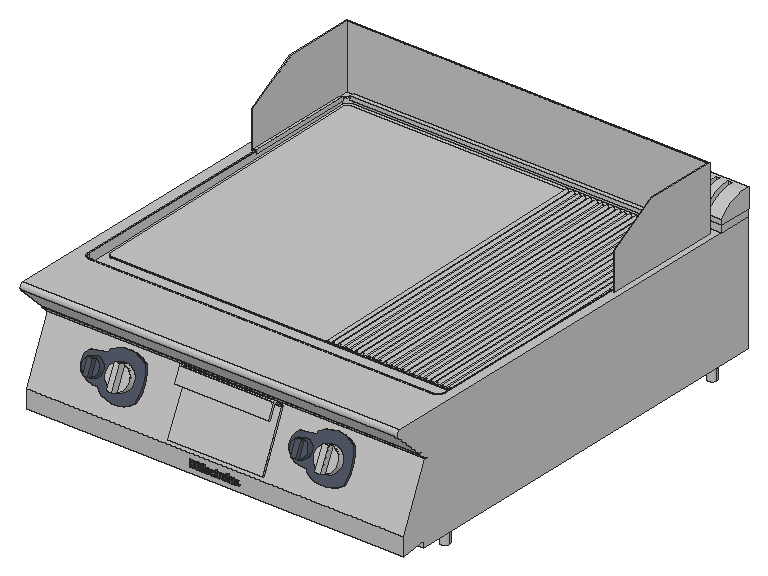
Revit family "QF_ELECTROLUXPROFESSIONAL_391587_E9IIETAOMEI", category Attrezzature speciali, Revit 2018 (continued)
Automatic sketch dimensions
  Extrusion 31 to Extrusion 15 sketch curve = 30 mm
  Extrusion 15 sketch curve to Extrusion 15 sketch curve = 10 mm  (x3)
  Extrusion 15 sketch curve to Extrusion 31 = 23.517 mm  (x2)
  Extrusion 31 to Extrusion 15 sketch curve = 10 mm
  Sweep 32 sketch curve to profile plane = 0 mm  (x22)
  profile plane to Sweep 32 sketch curve = 3.736 mm  (x22)
  plane 3 "LEFT" to Sweep 32 sketch curve = 496.642 mm
  Sweep 32 sketch curve to Sweep 32 sketch curve = 3.877 mm  (x44)
  Sweep 32 sketch curve to Sweep 32 sketch curve = 4.381 mm  (x21)
  Extrusion 7 sketch curve to Extrusion 1 = 0 mm  (x3)
  Extrusion 7 sketch curve to Extrusion 7 sketch curve = 69.85 mm
  Extrusion 1 to Extrusion 12 sketch curve = 17.03 mm  (x2)
  Extrusion 1 to Extrusion 12 sketch curve = 83.39 mm
  Extrusion 12 sketch curve to Extrusion 12 sketch curve = 1.588 mm
  Extrusion 1 to Extrusion 13 sketch curve = 37.03 mm
  Extrusion 1 to Extrusion 13 sketch curve = 92.539 mm
  Extrusion 13 sketch curve to Extrusion 13 sketch curve = 15 mm  (x3)
  Extrusion 1 to Extrusion 13 sketch curve = 145.147 mm  (x2)
  Extrusion 1 to Extrusion 13 sketch curve = 22.03 mm
  Extrusion 18 sketch curve to Extrusion 1 = 52 mm
  Extrusion 18 sketch curve to Extrusion 1 = 195.774 mm
  Extrusion 19 sketch curve to Extrusion 1 = 6.923 mm
  Extrusion 19 sketch curve to Extrusion 1 = 11.964 mm
  Extrusion 19 sketch curve to Extrusion 1 = 11.983 mm
  Extrusion 19 sketch curve to Extrusion 19 sketch curve = 0 mm  (x28)
  Extrusion 19 sketch curve to Extrusion 19 sketch curve = 5.108 mm  (x2)
  Extrusion 19 sketch curve to Extrusion 1 = 12.085 mm
  Extrusion 19 sketch curve to Extrusion 19 sketch curve = 0.218 mm
  Extrusion 19 sketch curve to Extrusion 19 sketch curve = 0.195 mm
  Extrusion 19 sketch curve to Extrusion 19 sketch curve = 0.249 mm
  Extrusion 19 sketch curve to Extrusion 1 = 12.28 mm
  Extrusion 19 sketch curve to Extrusion 19 sketch curve = 0.087 mm
  Extrusion 19 sketch curve to Extrusion 19 sketch curve = 0.358 mm
  Extrusion 19 sketch curve to Extrusion 19 sketch curve = 0.481 mm
  Extrusion 19 sketch curve to Extrusion 19 sketch curve = 0.597 mm
  Extrusion 19 sketch curve to Extrusion 19 sketch curve = 0.544 mm
  Extrusion 19 sketch curve to Extrusion 19 sketch curve = 0.936 mm
  Extrusion 19 sketch curve to Extrusion 19 sketch curve = 0.594 mm
  Extrusion 19 sketch curve to Extrusion 19 sketch curve = 0.343 mm
  Extrusion 19 sketch curve to Extrusion 19 sketch curve = 0.159 mm
  Extrusion 19 sketch curve to Extrusion 19 sketch curve = 0.826 mm
  Extrusion 19 sketch curve to Extrusion 19 sketch curve = 0.839 mm
  Extrusion 19 sketch curve to Extrusion 19 sketch curve = 0.852 mm
  Extrusion 19 sketch curve to Extrusion 19 sketch curve = 0.887 mm
  Extrusion 19 sketch curve to Extrusion 19 sketch curve = 0.928 mm
  Extrusion 19 sketch curve to Extrusion 19 sketch curve = 0.938 mm
  Extrusion 19 sketch curve to Extrusion 19 sketch curve = 0.444 mm
  Extrusion 19 sketch curve to Extrusion 19 sketch curve = 1.11 mm  (x3)
  Extrusion 19 sketch curve to Extrusion 19 sketch curve = 0.215 mm
  Extrusion 19 sketch curve to Extrusion 19 sketch curve = 1.43 mm
  Extrusion 19 sketch curve to Extrusion 19 sketch curve = 1.188 mm
  Extrusion 19 sketch curve to Extrusion 19 sketch curve = 1.21 mm  (x2)
  Extrusion 19 sketch curve to Extrusion 19 sketch curve = 0.503 mm
  Extrusion 19 sketch curve to Extrusion 19 sketch curve = 0.488 mm
  Extrusion 19 sketch curve to Extrusion 19 sketch curve = 0.462 mm
  Extrusion 19 sketch curve to Extrusion 19 sketch curve = 1.386 mm
  Extrusion 19 sketch curve to Extrusion 19 sketch curve = 1.742 mm  (x2)
  Extrusion 19 sketch curve to Extrusion 19 sketch curve = 0.821 mm
  Extrusion 19 sketch curve to Extrusion 19 sketch curve = 0.497 mm
  Extrusion 19 sketch curve to Extrusion 19 sketch curve = 0.539 mm
  Extrusion 19 sketch curve to Extrusion 19 sketch curve = 0.686 mm
  Extrusion 19 sketch curve to Extrusion 19 sketch curve = 0.408 mm
  Extrusion 19 sketch curve to Extrusion 19 sketch curve = 0.743 mm
  Extrusion 19 sketch curve to Extrusion 19 sketch curve = 1.16 mm
  Extrusion 19 sketch curve to Extrusion 19 sketch curve = 0.329 mm
  Extrusion 19 sketch curve to Extrusion 19 sketch curve = 1.054 mm
  Extrusion 19 sketch curve to Extrusion 19 sketch curve = 1.056 mm
  Extrusion 19 sketch curve to Extrusion 19 sketch curve = 1.185 mm
  Extrusion 19 sketch curve to Extrusion 19 sketch curve = 0.489 mm
  Extrusion 19 sketch curve to Extrusion 19 sketch curve = 0.441 mm
  Extrusion 19 sketch curve to Extrusion 19 sketch curve = 1.151 mm
  Extrusion 19 sketch curve to Extrusion 19 sketch curve = 1.141 mm  (x2)
  Extrusion 19 sketch curve to Extrusion 19 sketch curve = 0.768 mm
  Extrusion 19 sketch curve to Extrusion 19 sketch curve = 1.653 mm
  Extrusion 19 sketch curve to Extrusion 19 sketch curve = 0.499 mm
  Extrusion 19 sketch curve to Extrusion 19 sketch curve = 0.964 mm
  Extrusion 19 sketch curve to Extrusion 19 sketch curve = 0.949 mm
  Extrusion 19 sketch curve to Extrusion 19 sketch curve = 1.345 mm  (x3)
  Extrusion 19 sketch curve to Extrusion 19 sketch curve = 1.101 mm
  Extrusion 19 sketch curve to Extrusion 19 sketch curve = 0.432 mm
  Extrusion 19 sketch curve to Extrusion 19 sketch curve = 1.142 mm
  Extrusion 19 sketch curve to Extrusion 19 sketch curve = 0.959 mm
  Extrusion 19 sketch curve to Extrusion 19 sketch curve = 0.176 mm
  Extrusion 19 sketch curve to Extrusion 19 sketch curve = 0.728 mm
  Extrusion 19 sketch curve to Extrusion 19 sketch curve = 3.375 mm  (x2)
  Extrusion 19 sketch curve to Extrusion 19 sketch curve = 0.541 mm
  Extrusion 19 sketch curve to Extrusion 19 sketch curve = 0.955 mm
  Extrusion 19 sketch curve to Extrusion 19 sketch curve = 1.251 mm
  Extrusion 19 sketch curve to Extrusion 19 sketch curve = 0.572 mm
  Extrusion 19 sketch curve to Extrusion 19 sketch curve = 1.92 mm
  Extrusion 19 sketch curve to Extrusion 19 sketch curve = 1.224 mm
  Extrusion 19 sketch curve to Extrusion 19 sketch curve = 0.745 mm
  Extrusion 19 sketch curve to Extrusion 19 sketch curve = 2.537 mm
  Extrusion 19 sketch curve to Extrusion 19 sketch curve = 0.896 mm  (x3)
  Extrusion 19 sketch curve to Extrusion 19 sketch curve = 0.036 mm
  Extrusion 19 sketch curve to Extrusion 19 sketch curve = 2.607 mm
  Extrusion 19 sketch curve to Extrusion 19 sketch curve = 0.066 mm
  Extrusion 19 sketch curve to Extrusion 19 sketch curve = 0.248 mm
  Extrusion 19 sketch curve to Extrusion 19 sketch curve = 0.449 mm
  Extrusion 19 sketch curve to Extrusion 19 sketch curve = 1.052 mm
  Extrusion 19 sketch curve to Extrusion 19 sketch curve = 1.863 mm
  Extrusion 19 sketch curve to Extrusion 19 sketch curve = 1.31 mm  (x2)
  Extrusion 19 sketch curve to Extrusion 19 sketch curve = 0.901 mm
  Extrusion 19 sketch curve to Extrusion 19 sketch curve = 1.107 mm
  Extrusion 19 sketch curve to Extrusion 19 sketch curve = 2.122 mm
  Extrusion 19 sketch curve to Extrusion 19 sketch curve = 2.101 mm
  Extrusion 19 sketch curve to Extrusion 19 sketch curve = 0.106 mm
  Extrusion 19 sketch curve to Extrusion 19 sketch curve = 0.029 mm
  Extrusion 19 sketch curve to Extrusion 19 sketch curve = 2.09 mm
  Extrusion 19 sketch curve to Extrusion 19 sketch curve = 1.279 mm
  Extrusion 19 sketch curve to Extrusion 19 sketch curve = 2.008 mm
  Extrusion 19 sketch curve to Extrusion 19 sketch curve = 0.738 mm
  Extrusion 19 sketch curve to Extrusion 19 sketch curve = 0.382 mm
  Extrusion 19 sketch curve to Extrusion 19 sketch curve = 0.384 mm
  Extrusion 19 sketch curve to Extrusion 19 sketch curve = 0.002 mm
  Extrusion 19 sketch curve to Extrusion 19 sketch curve = 0.561 mm
  Extrusion 19 sketch curve to Extrusion 19 sketch curve = 0.592 mm
  Extrusion 19 sketch curve to Extrusion 19 sketch curve = 2.692 mm
  Extrusion 19 sketch curve to Extrusion 19 sketch curve = 1.259 mm
  Extrusion 19 sketch curve to Extrusion 19 sketch curve = 0.802 mm
  Extrusion 19 sketch curve to Extrusion 19 sketch curve = 1.024 mm
  Extrusion 19 sketch curve to Extrusion 19 sketch curve = 0.682 mm
  Extrusion 19 sketch curve to Extrusion 19 sketch curve = 5.934 mm
  Extrusion 19 sketch curve to Extrusion 19 sketch curve = 2.186 mm
  Extrusion 19 sketch curve to Extrusion 19 sketch curve = 0.337 mm
  Extrusion 19 sketch curve to Extrusion 19 sketch curve = 0.021 mm
  Extrusion 19 sketch curve to Extrusion 19 sketch curve = 1.005 mm
  Extrusion 19 sketch curve to Extrusion 19 sketch curve = 0.552 mm
  Extrusion 19 sketch curve to Extrusion 19 sketch curve = 0.778 mm
  Extrusion 19 sketch curve to Extrusion 19 sketch curve = 0.063 mm
  Extrusion 19 sketch curve to Extrusion 19 sketch curve = 1.023 mm
  Extrusion 19 sketch curve to Extrusion 19 sketch curve = 3.804 mm
  Extrusion 19 sketch curve to Extrusion 19 sketch curve = 0.486 mm
  Extrusion 19 sketch curve to Extrusion 19 sketch curve = 0.266 mm
  Extrusion 19 sketch curve to Extrusion 19 sketch curve = 1.547 mm
  Extrusion 19 sketch curve to Extrusion 19 sketch curve = 0.717 mm  (x2)
  Extrusion 19 sketch curve to Extrusion 19 sketch curve = 1.667 mm
  Extrusion 19 sketch curve to Extrusion 19 sketch curve = 3.174 mm
  Extrusion 19 sketch curve to Extrusion 19 sketch curve = 0.388 mm
  Extrusion 19 sketch curve to Extrusion 19 sketch curve = 1.342 mm
  Extrusion 19 sketch curve to Extrusion 19 sketch curve = 1.521 mm
  Extrusion 19 sketch curve to Extrusion 19 sketch curve = 0.124 mm
  Extrusion 19 sketch curve to Extrusion 19 sketch curve = 0.291 mm
  Extrusion 19 sketch curve to Extrusion 19 sketch curve = 1.049 mm  (x2)
  Extrusion 19 sketch curve to Extrusion 19 sketch curve = 1.7 mm
  Extrusion 19 sketch curve to Extrusion 19 sketch curve = 0.894 mm
  Extrusion 19 sketch curve to Extrusion 19 sketch curve = 0.989 mm
  Extrusion 19 sketch curve to Extrusion 19 sketch curve = 1.168 mm
  Extrusion 19 sketch curve to Extrusion 19 sketch curve = 1.594 mm
  Extrusion 19 sketch curve to Extrusion 19 sketch curve = 0.731 mm
  Extrusion 19 sketch curve to Extrusion 19 sketch curve = 1.566 mm
  Extrusion 19 sketch curve to Extrusion 19 sketch curve = 0.064 mm
  Extrusion 19 sketch curve to Extrusion 19 sketch curve = 0.556 mm  (x2)
  Extrusion 19 sketch curve to Extrusion 19 sketch curve = 0.48 mm
  Extrusion 19 sketch curve to Extrusion 19 sketch curve = 0.228 mm
  Extrusion 19 sketch curve to Extrusion 19 sketch curve = 1.018 mm
  Extrusion 19 sketch curve to Extrusion 19 sketch curve = 0.787 mm
  Extrusion 19 sketch curve to Extrusion 19 sketch curve = 0.618 mm
  Extrusion 19 sketch curve to Extrusion 19 sketch curve = 1.672 mm
  Extrusion 19 sketch curve to Extrusion 19 sketch curve = 1.361 mm
  Extrusion 19 sketch curve to Extrusion 19 sketch curve = 0.822 mm
  Extrusion 19 sketch curve to Extrusion 19 sketch curve = 0.069 mm
  Extrusion 19 sketch curve to Extrusion 19 sketch curve = 1.88 mm
  Extrusion 19 sketch curve to Extrusion 19 sketch curve = 0.42 mm
  Extrusion 19 sketch curve to Extrusion 19 sketch curve = 0.062 mm
  Extrusion 19 sketch curve to Extrusion 19 sketch curve = 1.355 mm
  Extrusion 19 sketch curve to Extrusion 19 sketch curve = 2.34 mm
  Extrusion 19 sketch curve to Extrusion 19 sketch curve = 0.493 mm
  Extrusion 19 sketch curve to Extrusion 19 sketch curve = 0.136 mm
  Extrusion 19 sketch curve to Extrusion 19 sketch curve = 0.128 mm
  Extrusion 19 sketch curve to Extrusion 19 sketch curve = 3.616 mm
  Extrusion 19 sketch curve to Extrusion 19 sketch curve = 4.207 mm
  Extrusion 19 sketch curve to Extrusion 19 sketch curve = 0.183 mm
  Extrusion 19 sketch curve to Extrusion 19 sketch curve = 0.895 mm
  Extrusion 19 sketch curve to Extrusion 19 sketch curve = 1.314 mm
  Extrusion 19 sketch curve to Extrusion 19 sketch curve = 3.231 mm
  Extrusion 19 sketch curve to Extrusion 19 sketch curve = 1.299 mm
  Extrusion 19 sketch curve to Extrusion 19 sketch curve = 1.214 mm
  Extrusion 19 sketch curve to Extrusion 19 sketch curve = 1.264 mm
  Extrusion 19 sketch curve to Extrusion 19 sketch curve = 0.109 mm
  Extrusion 19 sketch curve to Extrusion 19 sketch curve = 0.357 mm
  Extrusion 19 sketch curve to Extrusion 19 sketch curve = 0.565 mm
  Extrusion 19 sketch curve to Extrusion 19 sketch curve = 2.504 mm
  Extrusion 19 sketch curve to Extrusion 19 sketch curve = 2.459 mm
  Extrusion 1 to Extrusion 19 sketch curve = 348.496 mm
  Extrusion 19 sketch curve to Extrusion 19 sketch curve = 0.208 mm
  Extrusion 19 sketch curve to Extrusion 19 sketch curve = 0.468 mm  (x2)
  Extrusion 19 sketch curve to Extrusion 19 sketch curve = 1.559 mm
  Extrusion 19 sketch curve to Extrusion 19 sketch curve = 0.422 mm  (x2)
  Extrusion 19 sketch curve to Extrusion 19 sketch curve = 0.494 mm
  Extrusion 19 sketch curve to Extrusion 19 sketch curve = 3.927 mm
  Extrusion 19 sketch curve to Extrusion 19 sketch curve = 0.782 mm
  Extrusion 19 sketch curve to Extrusion 19 sketch curve = 1.268 mm
  Extrusion 19 sketch curve to Extrusion 19 sketch curve = 0.671 mm
  Extrusion 19 sketch curve to Extrusion 19 sketch curve = 0.777 mm
  Extrusion 19 sketch curve to Extrusion 19 sketch curve = 0.704 mm
  Extrusion 19 sketch curve to Extrusion 19 sketch curve = 0.781 mm  (x2)
  Extrusion 19 sketch curve to Extrusion 19 sketch curve = 1.634 mm
  Extrusion 19 sketch curve to Extrusion 19 sketch curve = 0.132 mm
  Extrusion 19 sketch curve to Extrusion 19 sketch curve = 3.136 mm
  Extrusion 19 sketch curve to Extrusion 19 sketch curve = 2.422 mm
  Extrusion 19 sketch curve to Extrusion 19 sketch curve = 0.586 mm
  Extrusion 19 sketch curve to Extrusion 19 sketch curve = 2.046 mm  (x2)
  Extrusion 19 sketch curve to Extrusion 19 sketch curve = 1.241 mm
  Extrusion 19 sketch curve to Extrusion 19 sketch curve = 1.689 mm
  Extrusion 19 sketch curve to Extrusion 19 sketch curve = 2.859 mm
  Extrusion 19 sketch curve to Extrusion 19 sketch curve = 0.627 mm
  Extrusion 19 sketch curve to Extrusion 19 sketch curve = 0.863 mm
  Extrusion 19 sketch curve to Extrusion 19 sketch curve = 0.419 mm
  Extrusion 19 sketch curve to Extrusion 19 sketch curve = 1.514 mm
  Extrusion 19 sketch curve to Extrusion 19 sketch curve = 1.019 mm
  Extrusion 19 sketch curve to Extrusion 19 sketch curve = 0.065 mm
  Extrusion 19 sketch curve to Extrusion 19 sketch curve = 1.215 mm
  Extrusion 19 sketch curve to Extrusion 19 sketch curve = 2.708 mm
  Extrusion 19 sketch curve to Extrusion 19 sketch curve = 1.122 mm
  Extrusion 19 sketch curve to Extrusion 19 sketch curve = 1.153 mm
  Extrusion 19 sketch curve to Extrusion 19 sketch curve = 3.009 mm
  Extrusion 19 sketch curve to Extrusion 19 sketch curve = 0.829 mm  (x2)
  Extrusion 19 sketch curve to Extrusion 19 sketch curve = 0.934 mm
  Extrusion 19 sketch curve to Extrusion 19 sketch curve = 3.376 mm
  Extrusion 19 sketch curve to Extrusion 19 sketch curve = 0.222 mm
  Extrusion 19 sketch curve to Extrusion 19 sketch curve = 1.383 mm
  Extrusion 19 sketch curve to Extrusion 19 sketch curve = 1.556 mm
  Extrusion 19 sketch curve to Extrusion 19 sketch curve = 2.559 mm
  Extrusion 19 sketch curve to Extrusion 19 sketch curve = 2.51 mm
  Extrusion 19 sketch curve to Extrusion 19 sketch curve = 0.131 mm
  Extrusion 19 sketch curve to Extrusion 19 sketch curve = 1.717 mm
  Extrusion 19 sketch curve to Extrusion 19 sketch curve = 1.134 mm
  Extrusion 19 sketch curve to Extrusion 19 sketch curve = 0.366 mm
  Extrusion 19 sketch curve to Extrusion 19 sketch curve = 0.094 mm
  Extrusion 19 sketch curve to Extrusion 19 sketch curve = 1.584 mm
  Extrusion 19 sketch curve to Extrusion 19 sketch curve = 1.501 mm
  Extrusion 19 sketch curve to Extrusion 19 sketch curve = 0.27 mm
  Extrusion 19 sketch curve to Extrusion 19 sketch curve = 1.808 mm
  Extrusion 19 sketch curve to Extrusion 19 sketch curve = 0.643 mm
  Extrusion 19 sketch curve to Extrusion 19 sketch curve = 0.916 mm
  Extrusion 19 sketch curve to Extrusion 19 sketch curve = 0.352 mm
  Extrusion 19 sketch curve to Extrusion 19 sketch curve = 0.458 mm
  Extrusion 19 sketch curve to Extrusion 19 sketch curve = 1.282 mm
  Extrusion 19 sketch curve to Extrusion 19 sketch curve = 1.363 mm
  Extrusion 19 sketch curve to Extrusion 19 sketch curve = 0.685 mm
  Extrusion 19 sketch curve to Extrusion 19 sketch curve = 0.905 mm
  Extrusion 19 sketch curve to Extrusion 19 sketch curve = 2.865 mm
  Extrusion 19 sketch curve to Extrusion 19 sketch curve = 0.472 mm
  Extrusion 19 sketch curve to Extrusion 19 sketch curve = 0.101 mm
  Extrusion 19 sketch curve to Extrusion 19 sketch curve = 0.54 mm
  Extrusion 19 sketch curve to Extrusion 19 sketch curve = 0.02 mm
  Extrusion 19 sketch curve to Extrusion 19 sketch curve = 0.582 mm
  Extrusion 19 sketch curve to Extrusion 19 sketch curve = 0.166 mm
  Extrusion 19 sketch curve to Extrusion 19 sketch curve = 0.16 mm
  Extrusion 19 sketch curve to Extrusion 19 sketch curve = 2.781 mm
  Extrusion 19 sketch curve to Extrusion 19 sketch curve = 1.118 mm
  Extrusion 19 sketch curve to Extrusion 19 sketch curve = 0.613 mm
  Extrusion 19 sketch curve to Extrusion 19 sketch curve = 0.361 mm
  Extrusion 19 sketch curve to Extrusion 19 sketch curve = 0.897 mm
  Extrusion 19 sketch curve to Extrusion 19 sketch curve = 0.167 mm
  Extrusion 19 sketch curve to Extrusion 19 sketch curve = 0.292 mm
  Extrusion 19 sketch curve to Extrusion 19 sketch curve = 0.305 mm
  Extrusion 19 sketch curve to Extrusion 19 sketch curve = 1.557 mm
  Extrusion 19 sketch curve to Extrusion 19 sketch curve = 2.499 mm
  Extrusion 19 sketch curve to Extrusion 19 sketch curve = 3.062 mm
  Extrusion 19 sketch curve to Extrusion 19 sketch curve = 2.968 mm
  Extrusion 19 sketch curve to Extrusion 19 sketch curve = 5.044 mm
  Extrusion 19 sketch curve to Extrusion 19 sketch curve = 0.629 mm  (x2)
  Extrusion 19 sketch curve to Extrusion 19 sketch curve = 1.131 mm
  Extrusion 19 sketch curve to Extrusion 19 sketch curve = 0.137 mm
  Extrusion 19 sketch curve to Extrusion 19 sketch curve = 0.027 mm
  Extrusion 19 sketch curve to Extrusion 19 sketch curve = 2.235 mm
  plane 5 "FRONT" to Extrusion 30 sketch curve = 0 mm  (x2)
  Extrusion 30 sketch curve to plane 3 "LEFT" = 0 mm
  Extrusion 30 sketch curve to plane 4 "RIGHT" = 0 mm
  plane 1 "BACK" to Extrusion 30 sketch curve = 0 mm
  Extrusion 30 sketch curve to plane 3 "LEFT" = 100 mm
  Extrusion 30 sketch curve to plane 4 "RIGHT" = 100 mm
  Extrusion 30 sketch curve to plane 1 "BACK" = 100 mm
  Extrusion 33 sketch curve to plane 7 "Center Y" = 11.804 mm
  plane 7 "Center Y" to Extrusion 33 sketch curve = 11.804 mm
  Extrusion 33 sketch curve to plane 5 "FRONT" = 151.264 mm
  Extrusion 33 sketch curve to Extrusion 33 sketch curve = 7.5 mm
  Extrusion 31 sketch curve to plane 6 "TOP" = 21.587 mm
  Extrusion 31 sketch curve to plane 5 "FRONT" = 137.461 mm
  plane 1 "BACK" to Extrusion 31 sketch curve = 92.539 mm
  Extrusion 31 sketch curve to Extrusion 31 sketch curve = 1.566 mm
  Extrusion 31 sketch curve to plane 6 "TOP" = 10.7 mm
  plane 1 "BACK" to curve 10 = 0 mm
  curve 178 to plane 3 "LEFT" = 0 mm
  curve 4 to plane 9 = 0 mm
  plane 5 "FRONT" to curve 4 = 0 mm
  curve 177 to plane 7 "Center Y" = 0 mm
  curve 178 to plane 4 "RIGHT" = 0 mm
  plane 5 "FRONT" to curve 3 = 0 mm
  plane 5 "FRONT" to curve 1 = 0 mm
  plane 14 to curve 27 = 4.442 mm
  curve 26 to curve 13 = 6.587 mm
  curve 37 to curve 14 = 6.721 mm
  curve 13 to curve 33 = 3.484 mm
  plane 14 to curve 39 = 18.703 mm
  plane 14 to curve 19 = 21.03 mm
  curve 33 to curve 31 = 6.516 mm
  curve 20 to curve 14 = 5 mm
  curve 13 to curve 12 = 15 mm
  curve 40 to curve 38 = 9.296 mm
  curve 14 to curve 22 = 5 mm
  curve 19 to curve 19 = 10 mm
  curve 38 to curve 42 = 16.193 mm
  curve 42 to curve 43 = 9.296 mm
  plane 1 "BACK" to curve 49 = 6.761 mm
  curve 43 to curve 49 = 16.193 mm
  curve 47 to curve 47 = 9.296 mm
  plane 1 "BACK" to curve 53 = 6.761 mm
  curve 46 to curve 53 = 16.193 mm
  curve 52 to curve 53 = 9.296 mm
  curve 50 to curve 56 = 16.193 mm
  curve 56 to curve 54 = 9.296 mm
  plane 1 "BACK" to curve 61 = 6.761 mm
  curve 54 to curve 61 = 16.193 mm
  curve 59 to curve 59 = 9.296 mm
  curve 58 to curve 63 = 16.193 mm
  curve 64 to curve 65 = 9.296 mm
  plane 1 "BACK" to curve 91 = 6.761 mm
  curve 62 to curve 91 = 16.193 mm
  curve 90 to curve 92 = 9.296 mm
  curve 92 to curve 94 = 16.193 mm
  curve 66 to curve 68 = 9.296 mm
  curve 68 to curve 72 = 16.193 mm
  curve 71 to curve 71 = 9.296 mm
  curve 70 to curve 75 = 16.193 mm
  curve 75 to curve 74 = 9.296 mm
  curve 4 to plane 7 "Center Y" = 99.95 mm
  curve 74 to curve 79 = 16.193 mm
  curve 79 to curve 79 = 9.296 mm
  curve 78 to curve 83 = 16.193 mm
  curve 84 to curve 82 = 9.296 mm
  plane 1 "BACK" to curve 88 = 6.761 mm
  curve 82 to curve 88 = 16.193 mm
  curve 88 to curve 86 = 9.296 mm
  curve 176 to plane 7 "Center Y" = 19.304 mm
  curve 176 to curve 175 = 7.464 mm
  curve 176 to curve 176 = 7.464 mm
  curve 176 to curve 176 = 0.037 mm
  plane 7 "Center Y" to curve 174 = 11.803 mm
  curve 174 to curve 174 = 0.037 mm  (x2)
  curve 174 to curve 174 = 7.501 mm
  plane 1 "BACK" to curve 143 = 6.761 mm
  plane 7 "Center Y" to curve 143 = 29.653 mm
  curve 143 to curve 144 = 9.296 mm
  curve 144 to curve 139 = 16.193 mm
  curve 139 to curve 142 = 9.296 mm
  curve 140 to curve 136 = 16.193 mm
  curve 135 to curve 136 = 9.296 mm
  plane 7 "Center Y" to curve 5 = 100.05 mm
  curve 136 to curve 172 = 10.594 mm
  plane 1 "BACK" to curve 134 = 6.761 mm
  curve 137 to curve 134 = 16.193 mm
  curve 172 to curve 171 = 12.135 mm
  curve 131 to curve 132 = 9.296 mm
  curve 171 to curve 170 = 12.135 mm
  curve 132 to curve 128 = 16.193 mm
  curve 170 to curve 169 = 12.135 mm
  curve 127 to curve 129 = 9.296 mm
  curve 169 to curve 168 = 12.135 mm
  curve 128 to curve 126 = 16.193 mm
  curve 168 to curve 167 = 12.135 mm
  curve 124 to curve 123 = 9.296 mm
  curve 167 to curve 166 = 12.135 mm
  curve 123 to curve 150 = 16.193 mm
  curve 166 to curve 165 = 12.135 mm
  curve 149 to curve 150 = 9.296 mm
  curve 165 to curve 164 = 12.135 mm
  plane 1 "BACK" to curve 122 = 6.761 mm
  curve 147 to curve 122 = 16.193 mm
  curve 164 to curve 163 = 12.135 mm
  curve 119 to curve 121 = 9.296 mm
  curve 163 to curve 162 = 12.135 mm
  plane 1 "BACK" to curve 115 = 6.761 mm
  curve 121 to curve 115 = 16.193 mm
  curve 162 to curve 161 = 12.135 mm
  curve 115 to curve 117 = 9.296 mm
  curve 161 to curve 160 = 12.135 mm
  curve 160 to curve 159 = 12.135 mm
  curve 116 to curve 112 = 16.193 mm
  curve 111 to curve 113 = 9.296 mm
  curve 159 to curve 158 = 12.135 mm
  curve 158 to curve 157 = 12.135 mm
  plane 1 "BACK" to curve 107 = 6.761 mm
  curve 113 to curve 107 = 16.193 mm
  curve 107 to curve 109 = 9.296 mm
  curve 157 to curve 156 = 12.135 mm
  curve 156 to curve 155 = 12.135 mm
  curve 108 to curve 103 = 16.193 mm
  curve 155 to curve 154 = 12.135 mm
  curve 103 to curve 104 = 9.296 mm
  curve 154 to curve 153 = 12.135 mm
  plane 12 to curve 101 = 12.487 mm
  plane 12 to curve 152 = 4.791 mm
  plane 12 to curve 100 = 3.191 mm
  curve 151 to plane 12 = 7.344 mm
  curve 151 to curve 23 = 2.627 mm
  curve 151 to curve 18 = 2.627 mm
  curve 95 to plane 12 = 13.001 mm
  curve 23 to curve 15 = 5 mm
  curve 11 to plane 12 = 14.97 mm
  curve 15 to curve 29 = 5 mm
  curve 15 to curve 24 = 5 mm
  curve 95 to curve 98 = 9.296 mm
  plane 15 to curve 35 = 14.401 mm
  curve 32 to curve 15 = 3.351 mm
  plane 15 to curve 16 = 10.917 mm
  plane 15 to curve 28 = 4.33 mm
  curve 12 to plane 5 "FRONT" = 137.461 mm
  curve 175 to plane 5 "FRONT" = 151.264 mm
  curve 176 to curve 176 = 7.5 mm
  curve 174 to curve 165 = 32.494 mm
  curve 17 to curve 152 = 38.797 mm
  curve 165 to curve 162 = 0 mm
  curve 156 to curve 152 = 0 mm
  curve 158 to curve 156 = 0 mm
  curve 159 to curve 158 = 0 mm  (x2)
  curve 156 to curve 155 = 0 mm  (x2)
  curve 168 to curve 165 = 0 mm
  curve 162 to curve 161 = 0 mm  (x2)
  curve 155 to curve 154 = 0 mm  (x2)
  curve 169 to curve 168 = 0 mm  (x2)
  curve 170 to curve 169 = 0 mm  (x2)
  curve 171 to curve 170 = 0 mm  (x2)
  curve 172 to curve 171 = 0 mm  (x2)
  curve 168 to curve 167 = 0 mm  (x2)
  curve 153 to curve 152 = 0 mm  (x2)
  curve 163 to curve 162 = 0 mm
  curve 161 to curve 160 = 0 mm  (x2)
  curve 167 to curve 166 = 0 mm  (x2)
  curve 164 to curve 163 = 0 mm  (x2)
  curve 157 to curve 156 = 0 mm  (x2)
  curve 152 to curve 151 = 0.05 mm  (x2)
  plane 8 "Center X" to curve 34 = 129.61 mm
  plane 8 "Center X" to curve 36 = 129.61 mm
  curve 35 to curve 16 = 0 mm
  curve 21 to curve 48 = 109.316 mm
  curve 15 to curve 23 = 1.462 mm
  curve 14 to curve 21 = 1.462 mm
  curve 163 to curve 119 = 99.366 mm
  curve 163 to curve 161 = 0 mm
  curve 155 to curve 151 = 0.05 mm
  curve 172 to curve 164 = 0 mm
  curve 160 to curve 159 = 0 mm
  curve 165 to curve 164 = 0 mm
  curve 21 to curve 37 = 10.536 mm
  curve 15 to curve 35 = 1.998 mm
  curve 30 to curve 15 = 2.318 mm
  curve 15 to curve 29 = 10.007 mm
  curve 26 to curve 178 = 13.54 mm
  curve 63 to curve 58 = 57.15 mm
  curve 31 to curve 39 = 19.479 mm
  curve 62 to curve 66 = 0 mm
  curve 38 to curve 42 = 0 mm
  curve 44 to curve 46 = 0 mm
  curve 68 to curve 70 = 0 mm
  curve 46 to curve 50 = 0 mm
  curve 70 to curve 74 = 0 mm
  curve 50 to curve 54 = 0 mm
  curve 74 to curve 78 = 0 mm
  curve 58 to curve 63 = 0 mm
  curve 78 to curve 82 = 0 mm
  curve 82 to curve 86 = 0 mm
  curve 164 to curve 150 = 42.216 mm
  curve 62 to curve 90 = 0 mm
  curve 177 to curve 145 = 5.939 mm
  curve 29 to curve 95 = 19.479 mm
  curve 144 to curve 141 = 0 mm
  curve 99 to curve 95 = 0 mm
  curve 140 to curve 137 = 0 mm
  curve 103 to curve 101 = 0 mm
  curve 136 to curve 133 = 0 mm
  curve 107 to curve 103 = 0 mm
  curve 132 to curve 129 = 0 mm
  curve 111 to curve 107 = 0 mm
  curve 126 to curve 149 = 0 mm
  curve 115 to curve 111 = 0 mm
  curve 121 to curve 115 = 0 mm
  plane 1 "BACK" to curve 123 = 6.761 mm
  plane 1 "BACK" to curve 114 = 6.761 mm
  plane 1 "BACK" to curve 127 = 6.761 mm
  plane 1 "BACK" to curve 106 = 6.761 mm
  plane 1 "BACK" to curve 135 = 6.761 mm
  plane 1 "BACK" to curve 101 = 6.761 mm
  plane 1 "BACK" to curve 139 = 6.761 mm
  plane 1 "BACK" to curve 98 = 6.761 mm
  plane 1 "BACK" to curve 94 = 6.761 mm
  plane 1 "BACK" to curve 147 = 6.761 mm
  plane 1 "BACK" to curve 62 = 6.761 mm
  plane 1 "BACK" to curve 85 = 6.761 mm
  plane 1 "BACK" to curve 57 = 6.761 mm
  plane 1 "BACK" to curve 81 = 6.761 mm
  plane 1 "BACK" to curve 77 = 6.761 mm
  plane 1 "BACK" to curve 73 = 6.761 mm
  plane 1 "BACK" to curve 44 = 6.761 mm
  plane 1 "BACK" to curve 41 = 6.761 mm
  curve 177 to curve 86 = 5.939 mm
  radius of Extrusion 21 sketch curve = 25.4 mm
  radius of Extrusion 22 sketch curve to Extrusion 21 = 0 mm  (x2)
  radius of Extrusion 23 sketch curve = 18.37 mm
  radius of Extrusion 26 sketch curve = 25.4 mm
  radius of Extrusion 27 sketch curve to Extrusion 26 = 0 mm  (x2)
  radius of Extrusion 28 sketch curve = 18.37 mm
  radius of Extrusion 2 sketch curve = 9.525 mm  (x4)
  radius of Extrusion 18 sketch curve = 6.35 mm
Connectors
  piping at (748, -664, 7), diameter 12.7
    settings: on Extrusion 18, index 1, connector inside diameter 1/2", connector length 0 mm, flow factor 0, pipe flow 0 GPM, pressure drop 0.00 psi, fitting loss kfactor 0, connector angle 0.00°, fixture units 0, engagement length 0 mm, angle of deflection 0.00°, flow configuration 1, flow direction 1, fitting loss method 0, system type 7, joint type 0, gender type 0, connector reference index -1, connector utility 0, adjustable connector no, is connector primary yes, connector description "GAS CONNECTION"
Types (2, lengths in mm): name | URL | Modello | Produttore | Gas Size | Descrizione
  (no name) | "www.electrolux.com" | "391055" | "ELECTROLUX" | 0" | "900XP FULL MODULE GAS FRY TOP, 2/3 SMOOTH - 1/3 RIBBED SLOPED PLATE, CHROMIUM PLATED"
  Standard | "https://www.electroluxprofessional.com/" | "E9IIETAOMEI" | "Electrolux Professional" | 1/2" | "GAS FRYTOP POLISHED CHROME SMOOTH+RIBBED SLOPED 800MM - QMARK"
